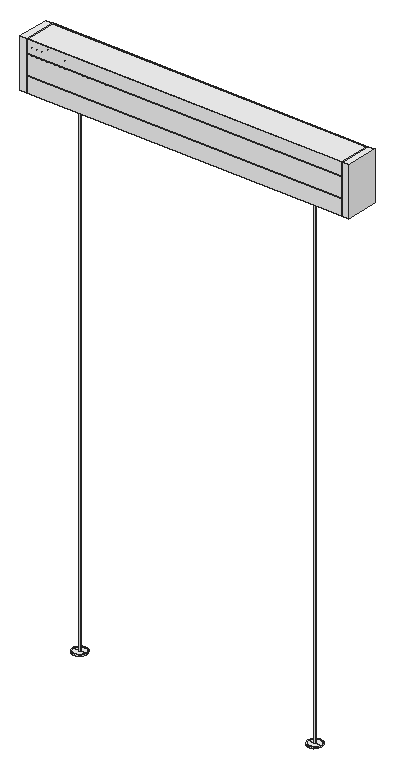
Revit family "2.3 inch  MAGIC WALL WASH LINEAR LIGHT", category Lighting Fixtures, host Face, Revit 2020 (continued)
Types (17): name | Wattage Comments | Wattage | Wall Mount | Suspenders Distance | Surface Mount | Recessed Mount | Photometric Web File | Pendent Mount | Order number | built-in parameter 1150142 | Model | built-in parameter 1150105 | Lumens | Light Source Height | Light Source Distance | built-in parameter 1150106 | Fixture Length
      45.77    41.37    38.77    36.20    33.66    31.14    \r\n 28.64    26.17    23.71    21.27    18.85    16.44    14.04    11.64    9.26     6.88     \r\n 4.50     4.52     4.54     4.56     4.57     4.59     4.61     4.63     4.65     4.66     \r\n 4.68     4.70     4.71     4.73     4.74     4.76     4.77     4.78     4.79     4.80     \r\n 4.81     4.82     4.83     4.84     4.85     4.86     4.87     4.88     4.89     4.90     \r\n 4.91     4.93     4.94     4.93     4.92     4.91     4.90     4.88     4.87     4.85     \r\n 4.83     4.81     4.79     4.77     4.75     4.73     4.71     4.68     4.66     4.64     \r\n 4.61     4.59     4.56     4.54     4.52     4.50     4.48     4.46     4.44     4.43     \r\n 4.40     4.38     4.36     4.33     4.31     4.28     4.26     4.24     4.22     4.21     \r\n 4.21     4.21     4.23     4.25     4.27     4.31     4.34     4.38     4.42     4.46     \r\n 4.51     4.55     4.60     4.65     4.70     4.76     4.82     4.88     4.94     5.00     \r\n 5.06     5.12     5.19     5.25     5.31     5.37     5.43     5.49     5.55     5.61     \r\n 5.66     5.71     5.76     5.80     5.84     5.88     5.92     5.96     5.99     6.03     \r\n 6.06     6.09     6.11     6.14     6.16     6.18     6.20     6.22     6.24     6.25     \r\n 6.26     6.26     6.26     6.27     6.26     6.25     6.25     6.24     6.23     6.22     \r\n 6.19     6.16     6.11     6.07     6.02     5.99     5.95     5.92     5.88     5.85     \r\n 5.82     5.79     5.76     5.73     5.70     5.67     5.64     5.61     5.57     5.54     \r\n 5.51     5.48     5.45     5.41     5.38     5.34     5.29     5.25     5.20     5.16     \r\n 5.11     5.07     5.03     4.99     4.94     4.90     4.86     4.82     4.77     4.73     \r\n 4.69     4.65     4.61     4.57     4.53     4.50     4.45     4.41     4.37     4.31     \r\n 4.26     \r\n1793.11  1779.69  1766.28  1752.30  1737.88  1723.48  1709.25  1695.02  1680.56  1665.96  \r\n 1651.33  1636.64  1621.93  1606.43  1590.73  1574.88  1558.73  1542.63  1525.91  1509.13  \r\n 1492.25  1475.24  1458.27  1440.41  1422.56  1404.98  1387.62  1370.22  1352.28  1334.39  \r\n 1316.50  1298.62  1280.85  1263.60  1246.42  1229.51  1212.77  1196.07  1179.44  1162.87  \r\n 1147.32  1132.28  1117.23  1102.11  1087.10  1072.56  1058.25  1044.10  1030.59  1017.13  \r\n 1004.28  990.03   975.73   961.75   947.88   934.12   920.46   906.92   893.96   881.09   \r\n 868.72   856.90   845.16   833.54   822.00   810.61   799.44   788.36   777.52   766.85   \r\n 756.27   746.03   735.89   725.96   716.25   706.59   697.00   687.46   678.01   668.89   \r\n 659.85   650.94   642.19   633.50   624.94   616.49   608.11   599.94   591.83   583.74   \r\n 575.49   566.41   556.99   547.91   538.91   529.99   521.16   512.38   503.75   495.28   \r\n 486.86   478.44   470.04   461.68   453.46   445.35   437.31   429.40   421.59   413.83   \r\n 406.16   398.61   391.14   383.70   376.14   368.62   361.14   354.04   347.00   340.00   \r\n 333.04   325.44   317.57   309.79   302.18   294.61   287.08   279.52   271.94   264.44   \r\n 257.02   249.72   242.48   235.29   228.17   221.04   213.98   206.99   200.07   193.24   \r\n 186.50   179.83   173.23   166.71   160.37   154.17   148.01   141.91   135.86   129.91   \r\n 124.01   118.16   112.34   106.57   100.83   95.06    89.33    83.66    78.04    72.48    \r\n 66.97    61.51    56.10    51.88    48.95    46.05    43.16    40.30    37.46    34.64    \r\n 31.84    29.05    26.28    23.52    20.77    18.03    15.30    12.58    9.86     7.14     \r\n 4.43     4.45     4.46     4.48     4.49     4.51     4.52     4.54     4.55     4.57     \r\n 4.58     4.60     4.61     4.62     4.64     4.65     4.66     4.67     4.69     4.70     \r\n 4.71     4.72     4.74     4.75     4.76     4.77     4.79     4.80     4.81     4.83     \r\n 4.84     4.85     4.87     4.88     4.89     4.90     4.91     4.91     4.89     4.87     \r\n 4.85     4.83     4.81     4.79     4.76     4.74     4.72     4.69     4.67     4.64     \r\n 4.61     4.58     4.54     4.49     4.44     4.38     4.31     4.24     4.16     4.09     \r\n 4.02     4.00     3.98     3.97     3.97     3.98     4.00     4.02     4.05     4.08     \r\n 4.11     4.14     4.18     4.22     4.26     4.30     4.35     4.39     4.43     4.48     \r\n 4.52     4.57     4.62     4.67     4.73     4.78     4.84     4.90     4.96     5.02     \r\n 5.09     5.15     5.22     5.28     5.34     5.39     5.45     5.50     5.55     5.60     \r\n 5.64     5.68     5.73     5.77     5.81     5.85     5.89     5.92     5.96     6.00     \r\n 6.03     6.07     6.11     6.15     6.18     6.22     6.24     6.27     6.29     6.30     \r\n 6.31     6.31     6.31     6.31     6.30     6.30     6.28     6.25     6.23     6.18     \r\n 6.14     6.09     6.05     6.01     5.98     5.95     5.92     5.89     5.86     5.83     \r\n 5.80     5.77     5.74     5.71     5.68     5.65     5.62     5.59     5.56     5.53     \r\n 5.50     5.47     5.44     5.40     5.36     5.31     5.27     5.22     5.18     5.13     \r\n 5.09     5.05     5.01     4.96     4.92     4.88     4.84     4.80     4.76     4.72     \r\n 4.68     4.64     4.60     4.56     4.52     4.49     4.45     4.41     4.36     4.31     \r\n 4.26     \r\n1793.11  1780.24  1767.38  1754.16  1740.35  1726.56  1712.90  1699.29  1685.62  1671.66  \r\n 1657.67  1643.64  1629.56  1615.46  1600.53  1585.55  1570.45  1555.10  1539.80  1524.04  \r\n 1508.08  1492.13  1475.99  1459.87  1443.41  1426.47  1409.55  1392.96  1376.44  1359.85  \r\n 1342.92  1326.05  1309.19  1292.32  1275.49  1259.20  1243.06  1227.03  1211.28  1195.59  \r\n 1179.97  1164.44  1148.99  1134.58  1120.42  1106.32  1090.69  1074.59  1058.76  1043.28  \r\n 1027.94  1013.12  998.55   984.08   970.43   956.88   943.50   930.51   917.64   904.87   \r\n 892.20   879.64   867.44   855.45   843.56   832.39   821.40   810.49   799.70   788.99   \r\n 778.39   768.04   757.76   747.65   737.81   728.04   718.49   709.23   700.05   690.97   \r\n 681.94   672.97   664.09   655.31   646.39   636.40   626.63   616.91   607.29   597.79   \r\n 588.37   579.05   569.86   560.72   551.67   542.82   534.04   525.32   516.49   507.75   \r\n 499.08   490.73   482.51   474.37   466.25   458.12   450.05   442.05   434.31   426.63   \r\n 419.01   411.37   403.70   396.09   388.53   380.70   372.36   364.07   355.85   347.69   \r\n 339.59   331.56   323.62   315.82   308.05   300.33   292.63   284.92   277.28   269.72   \r\n 262.24   254.88   247.58   240.31   233.10   225.94   218.88   211.88   204.92   198.01   \r\n 191.31   184.69   178.13   171.61   165.15   158.73   152.39   146.11   139.87   133.67   \r\n 127.51   121.39   115.29   109.22   103.19   97.20    91.24    85.31    79.42    73.55    \r\n 67.72    63.30    60.06    56.84    53.64    50.47    47.31    44.17    41.04    37.93    \r\n 34.83    31.75    28.68    25.62    22.56    19.52    16.48    13.45    10.42    7.39     \r\n 4.36     4.38     4.39     4.40     4.41     4.42     4.43     4.44     4.46     4.47     \r\n 4.48     4.49     4.50     4.51     4.52     4.53     4.54     4.55     4.56     4.57     \r\n 4.58     4.59     4.60     4.62     4.63     4.64     4.66     4.67     4.68     4.69     \r\n 4.71     4.72     4.73     4.75     4.76     4.77     4.79     4.80     4.82     4.83     \r\n 4.85     4.84     4.80     4.75     4.70     4.65     4.61     4.56     4.51     4.46     \r\n 4.42     4.37     4.33     4.29     4.25     4.21     4.18     4.14     4.11     4.08     \r\n 4.05     4.02     4.00     3.98     3.96     3.95     3.97     3.99     4.02     4.05     \r\n 4.09     4.13     4.17     4.22     4.26     4.30     4.34     4.39     4.43     4.48     \r\n 4.53     4.58     4.63     4.69     4.75     4.82     4.88     4.94     5.00     5.05     \r\n 5.12     5.18     5.24     5.30     5.36     5.42     5.49     5.54     5.58     5.63     \r\n 5.67     5.72     5.77     5.82     5.87     5.92     5.97     6.02     6.08     6.13     \r\n 6.19     6.23     6.27     6.31     6.33     6.36     6.37     6.38     6.38     6.38     \r\n 6.37     6.36     6.35     6.32     6.30     6.27     6.23     6.19     6.15     6.11     \r\n 6.07     6.04     6.01     5.97     5.94     5.91     5.88     5.85     5.82     5.79     \r\n 5.77     5.74     5.71     5.68     5.65     5.63     5.60     5.57     5.55     5.52     \r\n 5.48     5.45     5.41     5.36     5.32     5.27     5.23     5.19     5.14     5.10     \r\n 5.06     5.02     4.98     4.94     4.90     4.86     4.82     4.78     4.74     4.70     \r\n 4.66     4.62     4.58     4.55     4.51     4.48     4.44     4.40     4.36     4.31     \r\n 4.26     \r\n1793.11  1780.90  1768.68  1756.33  1743.25  1730.18  1717.18  1704.27  1691.38  1678.33  \r\n 1665.08  1651.82  1638.50  1625.15  1611.78  1597.75  1583.60  1569.46  1555.01  1540.61  \r\n 1526.15  1511.14  1496.15  1481.13  1465.99  1450.89  1435.45  1419.57  1403.73  1388.06  \r\n 1372.51  1356.96  1341.25  1325.51  1309.82  1294.10  1278.40  1262.75  1247.69  1232.75  \r\n 1217.88  1203.27  1187.35  1170.14  1153.11  1136.19  1119.52  1103.98  1088.59  1073.35  \r\n 1058.30  1043.38  1028.66  1014.41  1000.32  986.42   972.85   959.39   946.12   933.46   \r\n 920.89   908.45   896.55   884.78   873.12   861.52   850.04   838.67   827.63   816.71   \r\n 805.89   795.59   785.50   775.49   765.58   755.77   746.03   736.44   727.04   716.84   \r\n 706.00   695.47   685.02   674.64   664.60   654.69   644.86   635.05   625.27   615.58   \r\n 605.96   596.55   587.23   578.00   568.88   559.87   550.91   542.01   533.34   524.76   \r\n 516.25   507.79   499.35   490.97   482.63   474.47   466.51   458.60   450.77   442.94   \r\n 434.50   425.56   416.69   407.99   399.45   390.97   382.54   374.13   365.69   357.31   \r\n 349.01   340.77   332.71   324.72   316.78   308.89   301.04   293.20   285.43   277.72   \r\n 270.07   262.50   255.03   247.61   240.24   232.92   225.73   218.73   211.77   204.86   \r\n 197.99   191.17   184.39   177.62   170.88   164.19   157.55   150.96   144.40   137.90   \r\n 131.44   125.03   118.64   112.29   105.96   99.66    93.38    87.13    80.90    75.91    \r\n 72.36    68.83    65.32    61.83    58.35    54.90    51.45    48.02    44.61    41.20    \r\n 37.81    34.43    31.05    27.69    24.33    20.98    17.63    14.29    10.95    7.61     \r\n 4.28     4.29     4.29     4.30     4.31     4.32     4.33     4.34     4.35     4.36     \r\n 4.37     4.37     4.38     4.39     4.40     4.40     4.41     4.42     4.42     4.43     \r\n 4.44     4.44     4.45     4.46     4.48     4.49     4.50     4.51     4.52     4.54     \r\n 4.55     4.56     4.57     4.58     4.58     4.59     4.60     4.61     4.62     4.63     \r\n 4.64     4.65     4.65     4.66     4.67     4.65     4.60     4.56     4.53     4.49     \r\n 4.46     4.42     4.39     4.36     4.33     4.30     4.28     4.25     4.23     4.21     \r\n 4.18     4.16     4.14     4.12     4.10     4.09     4.08     4.07     4.06     4.05     \r\n 4.04     4.05     4.10     4.16     4.22     4.28     4.33     4.37     4.42     4.47     \r\n 4.52     4.58     4.64     4.69     4.74     4.80     4.85     4.91     4.97     5.04     \r\n 5.10     5.16     5.23     5.30     5.36     5.44     5.51     5.59     5.68     5.77     \r\n 5.86     5.97     6.06     6.13     6.20     6.25     6.31     6.35     6.39     6.42     \r\n 6.44     6.45     6.46     6.46     6.45     6.44     6.43     6.42     6.40     6.39     \r\n 6.36     6.32     6.29     6.26     6.23     6.19     6.17     6.14     6.11     6.08     \r\n 6.05     6.02     5.99     5.96     5.92     5.89     5.86     5.82     5.78     5.75     \r\n 5.73     5.70     5.68     5.66     5.63     5.61     5.58     5.55     5.52     5.49     \r\n 5.44     5.40     5.35     5.31     5.27     5.22     5.18     5.14     5.10     5.06     \r\n 5.02     4.98     4.94     4.90     4.86     4.82     4.79     4.75     4.71     4.67     \r\n 4.64     4.60     4.57     4.54     4.50     4.47     4.43     4.39     4.35     4.31     \r\n 4.26     \r\n1793.11  1781.64  1770.17  1758.71  1746.54  1734.30  1722.07  1709.94  1697.87  1685.80  \r\n 1673.52  1661.10  1648.67  1636.19  1623.68  1611.15  1598.32  1585.10  1571.90  1558.65  \r\n 1545.24  1531.89  1518.48  1504.54  1490.63  1476.75  1462.72  1448.73  1434.78  1420.21  \r\n 1405.54  1390.90  1376.40  1361.96  1347.52  1333.05  1318.58  1304.17  1289.79  1273.93  \r\n 1256.37  1238.96  1222.21  1205.57  1189.04  1172.84  1156.84  1140.99  1125.24  1109.57  \r\n 1094.02  1078.82  1064.66  1050.64  1036.76  1022.99  1009.35  995.83   982.69   969.90   \r\n 957.27   944.78   932.40   920.13   907.95   896.20   884.68   873.24   862.03   851.38   \r\n 840.84   830.41   820.05   809.77   799.61   787.76   776.12   764.58   753.15   742.02   \r\n 731.17   720.41   709.74   699.19   688.74   678.37   668.11   658.12   648.22   638.43   \r\n 628.73   619.17   609.69   600.28   590.98   581.94   572.98   564.09   555.26   546.46   \r\n 537.74   529.09   520.51   512.15   503.88   495.70   486.37   476.93   467.50   458.14   \r\n 448.86   439.65   430.69   421.80   412.97   404.20   395.48   386.78   378.15   369.59   \r\n 361.10   352.69   344.45   336.27   328.14   320.06   312.04   304.01   296.00   288.04   \r\n 280.13   272.27   264.46   256.91   249.49   242.11   234.78   227.49   220.24   213.03   \r\n 205.85   198.71   191.61   184.55   177.53   170.55   163.60   156.70   149.84   143.01   \r\n 136.22   129.46   122.72   116.02   109.34   102.69   96.07    90.00    86.13    82.27    \r\n 78.43    74.61    70.81    67.02    63.24    59.48    55.73    52.00    48.28    44.57    \r\n 40.86    37.17    33.49    29.81    26.14    22.47    18.81    15.15    11.49    7.84     \r\n 4.19     4.19     4.20     4.21     4.21     4.22     4.22     4.23     4.23     4.24     \r\n 4.24     4.25     4.25     4.26     4.26     4.27     4.27     4.28     4.28     4.28     \r\n 4.29     4.29     4.29     4.30     4.30     4.31     4.32     4.33     4.33     4.34     \r\n 4.35     4.35     4.36     4.36     4.37     4.37     4.37     4.37     4.37     4.37     \r\n 4.36     4.36     4.36     4.35     4.35     4.35     4.34     4.34     4.33     4.30     \r\n 4.28     4.26     4.23     4.21     4.19     4.18     4.17     4.16     4.16     4.15     \r\n 4.14     4.13     4.12     4.11     4.11     4.11     4.11     4.11     4.12     4.13     \r\n 4.13     4.14     4.15     4.16     4.18     4.21     4.27     4.33     4.39     4.45     \r\n 4.52     4.58     4.64     4.70     4.76     4.82     4.88     4.95     5.02     5.10     \r\n 5.17     5.26     5.34     5.44     5.53     5.62     5.71     5.81     5.91     6.00     \r\n 6.09     6.19     6.27     6.35     6.42     6.50     6.55     6.54     6.53     6.52     \r\n 6.51     6.50     6.49     6.47     6.45     6.42     6.40     6.37     6.35     6.32     \r\n 6.30     6.27     6.25     6.22     6.20     6.18     6.15     6.12     6.10     6.07     \r\n 6.04     6.01     5.98     5.94     5.91     5.87     5.84     5.81     5.78     5.75     \r\n 5.72     5.69     5.66     5.64     5.61     5.58     5.55     5.50     5.46     5.41     \r\n 5.37     5.33     5.29     5.24     5.20     5.16     5.12     5.08     5.05     5.01     \r\n 4.97     4.93     4.90     4.86     4.82     4.79     4.75     4.72     4.68     4.65     \r\n 4.62     4.58     4.55     4.52     4.49     4.45     4.42     4.39     4.34     4.30     \r\n 4.26     \r\n1793.11  1782.47  1771.83  1761.20  1750.21  1738.88  1727.56  1716.25  1705.08  1693.91  \r\n 1682.76  1671.44  1659.95  1648.45  1636.94  1625.36  1613.77  1602.16  1590.25  1578.09  \r\n 1565.93  1553.80  1541.52  1529.28  1517.10  1504.66  1491.92  1479.21  1466.53  1453.75  \r\n 1440.99  1428.28  1415.35  1401.99  1388.65  1375.35  1362.13  1346.05  1329.21  1312.49  \r\n 1295.92  1279.48  1263.15  1246.91  1230.77  1214.76  1198.89  1183.45  1168.21  1153.07  \r\n 1138.08  1123.52  1109.11  1094.83  1080.63  1066.40  1052.28  1038.28  1025.02  1012.39  \r\n 999.90   987.56   975.25   963.03   950.93   938.95   927.50   916.28   905.21   894.27   \r\n 883.23   870.95   858.09   845.38   833.05   820.91   808.88   796.97   785.
